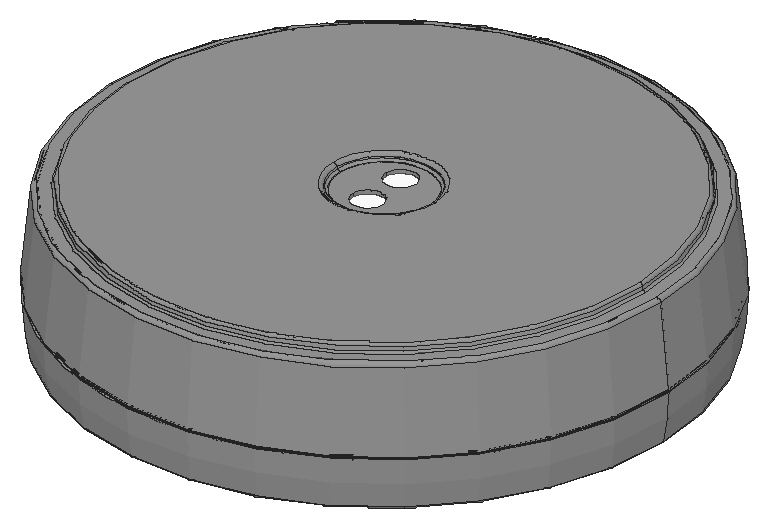
Revit family "Pelée385_17W_3000K_LOD 300", category Lighting Fixtures, host Ceiling, Revit 2015
Parameters (values of type "Pelée 385_17,4W_3000K")
  Wattage Comments = ""
  Wattage = 13.1276 W
  Watt total = "17.4 W"
  built-in parameter 1150110 = 1 (stored number, unit not read)
  URL = "http://focus-lighting.dk/"
  Type Image = Perspective View 2.PNG
  built-in parameter 1114217 = 1 (stored number, unit not read)
  Tilt Angle = 60.00°
  built-in parameter 1150109 = 1 (stored number, unit not read)
  built-in parameter 1150134 = (empty or 0)
  Technical Description URL = ""
  built-in parameter 1150113 = 1 (stored number, unit not read)
  Revit Object URL = "http://www.newbim.info/"
  Product URL = ""
  Product Group = "Loft- & Indbygningslamper"
  Product Family = "Indoors"
  Product Certification = ""
  Photometric Web File = "Pelèe 385_17,4W_3000K.ies"
  built-in parameter 1150142 = "IESNA:LM-63-1995\r\n[TEST]\t\t20150305.2\r\n[MANUFAC]\tFocus Lighting AS/PhotoFiler/2010.10/EULumdat 1\r\n[LUMCAT]\t\r\n[LUMINAIRE]\tPelée 385_17,4W_3000K\r\n[LAMP]\t\tCLEg2-315-4000-830_500mA\r\n[DATE]\t\t05-03-2015/DC/Focus Lighting AS\r\n[OTHER]\t\tEULUMDAT file: Pelèe 385_17,4W_3000K.ldt\r\nTILT=NONE\r\n1 1950.0 1.950 181 1 1 2 0.34 0.00 0.00\r\n1.0 1 17.4\r\n0.0 1.0 2.0 3.0 4.0 5.0 6.0 7.0 8.0 9.0 10.0 11.0 12.0 13.0 14.0 15.0 16.0 17.0 18.0 19.0 20.0 21.0 22.0 23.0 24.0 25.0 26.0 27.0\r\n 28.0 29.0 30.0 31.0 32.0 33.0 34.0 35.0 36.0 37.0 38.0 39.0 40.0 41.0 42.0 43.0 44.0 45.0 46.0 47.0 48.0 49.0 50.0 51.0 52.0 53.0\r\n 54.0 55.0 56.0 57.0 58.0 59.0 60.0 61.0 62.0 63.0 64.0 65.0 66.0 67.0 68.0 69.0 70.0 71.0 72.0 73.0 74.0 75.0 76.0 77.0 78.0 79.0\r\n 80.0 81.0 82.0 83.0 84.0 85.0 86.0 87.0 88.0 89.0 90.0 91.0 92.0 93.0 94.0 95.0 96.0 97.0 98.0 99.0 100.0 101.0 102.0 103.0 104.0\r\n 105.0 106.0 107.0 108.0 109.0 110.0 111.0 112.0 113.0 114.0 115.0 116.0 117.0 118.0 119.0 120.0 121.0 122.0 123.0 124.0 125.0\r\n 126.0 127.0 128.0 129.0 130.0 131.0 132.0 133.0 134.0 135.0 136.0 137.0 138.0 139.0 140.0 141.0 142.0 143.0 144.0 145.0 146.0\r\n 147.0 148.0 149.0 150.0 151.0 152.0 153.0 154.0 155.0 156.0 157.0 158.0 159.0 160.0 161.0 162.0 163.0 164.0 165.0 166.0 167.0\r\n 168.0 169.0 170.0 171.0 172.0 173.0 174.0 175.0 176.0 177.0 178.0 179.0 180.0\r\n0.0 \r\n333.7 333.6 333.4 333.0 332.4 331.7 330.8 329.7 328.5 327.1 325.6 323.8 321.9 319.9 317.7 315.3 312.8 310.1 307.2 304.3 301.2\r\n 297.9 294.4 290.9 287.2 283.4 279.4 275.4 271.2 266.9 262.5 258.0 253.4 248.8 244.0 239.2 234.3 229.3 224.2 219.1 214.0 208.8\r\n 203.6 198.4 193.1 187.9 182.6 177.3 172.1 166.8 161.6 156.3 151.1 145.9 140.7 135.5 130.4 125.3 120.3 115.3 110.3 105.4 100.5\r\n 95.7 91.0 86.3 81.7 77.1 72.6 68.1 63.7 59.5 55.3 51.2 47.1 43.1 39.3 35.6 31.9 28.4 25.0 21.8 18.7 15.7 12.9 10.3 8.0 6.1 4.6\r\n 3.5 2.7 2.2 1.8 1.5 1.3 1.2 1.1 1.0 1.0 0.9 0.9 0.9 0.9 0.9 0.9 0.9 0.9 0.9 0.9 0.9 0.9 0.9 0.9 0.9 0.9 0.9 0.9 1.0 1.0 1.0 1.0\r\n 1.0 1.0 1.0 1.0 1.0 1.0 1.1 1.1 1.1 1.1 1.1 1.1 1.1 1.1 1.1 1.1 1.2 1.2 1.2 1.2 1.2 1.2 1.2 1.2 1.2 1.3 1.3 1.3 1.3 1.3 1.3 1.3\r\n 1.4 1.3 1.4 1.4 1.4 1.4 1.4 1.4 1.4 1.4 1.4 1.4 1.4 1.4 1.4 1.4 1.4 1.4 1.4 1.5 1.4 1.5 1.5 1.5 1.5 1.4 1.5 1.5\r\n"
  Nominal Width = "385 mm"
  Nominal Height = "91 mm"
  Model = "Version 1"
  Material = Aluminum-Focus Lighting-Pelee 385-Semi-Polished
  Manufacturer = "Focus Lighting A/S"
  Lumens = 1950 lm
  built-in parameter 1150115 = 1 (stored number, unit not read)
  built-in parameter 1150105 = 155.18 (stored number, unit not read)
  Light Sources Type = "CLEg2-315-4000-830_500mA"
  Light Sources = 1
  Light Total Output Ratio = "81.7 %"
  built-in parameter 1150137 = (empty or 0)
  built-in parameter 1150139 = (empty or 0)
  Light Downwards Output Ratio = "81 %"
  built-in parameter 1150112 = 1 (stored number, unit not read)
  built-in parameter 1150114 = 1 (stored number, unit not read)
  Installation Instructions URL = ""
  built-in parameter 1150132 = 2
  built-in parameter 1150102 = (empty or 0)
  built-in parameter 1150138 = (empty or 0)
  built-in parameter 1150107 = 3000 (stored number, unit not read)
  Indbygningshøjde = 0 mm
  built-in parameter 1150106 = 1.5518 (stored number, unit not read)
  built-in parameter 1150104 = 13.8 (stored number, unit not read)
  Dimming Lamp Color Temperature Shift = <None>
  Diffuser Material = Glass, White, High Luminance
  Description = "Pelée 385_17,4W_3000K"
  Date = "05.03.2015"
  Color Filter = 16777215
  CRI = "80"
  built-in parameter 1114218 = 1 (stored number, unit not read)
  built-in parameter 1150133 = 10 (stored number, unit not read)
Reference planes
  plane 1 "Light Source Axis (F/B)": y = 0
  plane 2: z = 0
  plane 3 "Light Source Axis (L/R)": x = 0
  plane 4 "Ceiling": z = 4000
  plane 5 "Light Source Elevation": z = 3939.9
  plane 6: z = 4000
Forms (mm)
  Sweep 1, solid, material "Aluminum-Focus Lighting-Pelee 385-Semi-Polished" <- "Material"
    path origin (-318.586, 0, 4000) x (-1, 0, 0) y (0, -1, 0)
      loop
        circle (-318.586, 0) r 176.4
    profile origin (0, -176.4, 4000) x (0, 1, 0) y (0, 0, 1)
      loop
        line (0, 0) -> (-7.581, 0)
        arc (-7.581, 0) -> (-9.514, -0.687) -> (-10.581, -2.439) r 3.064
        arc (-10.581, -2.439) -> (-14.358, -27.858) -> (-16.065, -53.5) r 317
        line (-16.065, -53.5) -> (-15.256, -53.5)
        arc (-15.256, -53.5) -> (-14.998, -53.821) -> (-14.892, -54.22) r 0.997
        line (-14.892, -54.22) -> (-14.851, -55) -> (-16.081, -55)
        arc (-16.081, -55) -> (-15.314, -70.311) -> (-12.866, -85.444) r 139
        arc (-12.866, -85.444) -> (-12.661, -85.795) -> (-12.31, -86) r 0.8
        line (-12.31, -86) -> (-11.42, -86)
        arc (-11.42, -86) -> (-11.03, -85.85) -> (-10.84, -85.478) r 0.583
        line (-10.84, -85.478) -> (-10.742, -83.595)
        arc (-10.742, -83.595) -> (-10.562, -83.242) -> (-10.192, -83.1) r 0.552
        line (-10.192, -83.1) -> (-9.301, -83.1)
        arc (-9.301, -83.1) -> (-8.921, -82.954) -> (-8.736, -82.591) r 0.568
        line (-8.736, -82.591) -> (-8.638, -80.716)
        arc (-8.638, -80.716) -> (-8.45, -80.348) -> (-8.065, -80.2) r 0.577
        line (-8.065, -80.2) -> (-7.208, -80.2)
        arc (-7.208, -80.2) -> (-6.82, -80.051) -> (-6.631, -79.68) r 0.58
        line (-6.631, -79.68) -> (-6.532, -77.798)
        arc (-6.532, -77.798) -> (-6.352, -77.443) -> (-5.98, -77.3) r 0.556
        line (-5.98, -77.3) -> (-5.081, -77.3)
        arc (-5.081, -77.3) -> (-4.709, -77.157) -> (-4.528, -76.801) r 0.557
        line (-4.528, -76.801) -> (-4.429, -74.928)
        arc (-4.429, -74.928) -> (-4.237, -74.551) -> (-3.843, -74.4) r 0.59
        line (-3.843, -74.4) -> (-3.004, -74.4)
        arc (-3.004, -74.4) -> (-2.612, -74.249) -> (-2.421, -73.875) r 0.586
        line (-2.421, -73.875) -> (-2.325, -72.028)
        arc (-2.325, -72.028) -> (-2.133, -71.651) -> (-1.738, -71.5) r 0.59
        line (-1.738, -71.5) -> (-0.9, -71.5)
        arc (-0.9, -71.5) -> (-0.508, -71.349) -> (-0.317, -70.975) r 0.586
        line (-0.317, -70.975) -> (-0.22, -69.128)
        arc (-0.22, -69.128) -> (-0.028, -68.751) -> (0.366, -68.6) r 0.59
        line (0.366, -68.6) -> (1.205, -68.6)
        arc (1.205, -68.6) -> (1.597, -68.449) -> (1.788, -68.075) r 0.586
        line (1.788, -68.075) -> (1.885, -66.228)
        arc (1.885, -66.228) -> (2.076, -65.851) -> (2.471, -65.7) r 0.59
        line (2.471, -65.7) -> (3.31, -65.7)
        arc (3.31, -65.7) -> (3.702, -65.549) -> (3.892, -65.175) r 0.586
        line (3.892, -65.175) -> (3.989, -63.328)
        arc (3.989, -63.328) -> (4.181, -62.951) -> (4.576, -62.8) r 0.59
        line (4.576, -62.8) -> (5.401, -62.8)
        arc (5.401, -62.8) -> (5.793, -62.649) -> (5.984, -62.275) r 0.586
        line (5.984, -62.275) -> (6.098, -60.1) -> (2.607, -60.1) -> (2.476, -57.599)
        arc (2.476, -57.599) -> (2.294, -57.243) -> (1.921, -57.1) r 0.557
        line (1.921, -57.1) -> (-12.236, -57.1) -> (-12.424, -53.5) -> (-14.946, -53.5)
        arc (-14.946, -53.5) -> (-13.239, -27.858) -> (-9.461, -2.439) r 317
        line (-9.461, -2.439) -> (146.42, -2.439) -> (146.42, 1)
        arc (146.42, 1) -> (145.279, 1.347) -> (144.55, 2.29) r 1.961
        line (144.55, 2.29) -> (144.281, 3.029)
        arc (144.281, 3.029) -> (143.211, 4.433) -> (141.539, 5) r 3.026
        line (141.539, 5) -> (3.849, 5)
        arc (3.849, 5) -> (2.591, 4.555) -> (1.893, 3.417) r 2
        line (1.893, 3.417) -> (1.418, 1.187)
        arc (1.418, 1.187) -> (0.914, 0.349) -> (0, 0) r 1.5
  Extrusion 2, solid, material "Glass, White, High Luminance" <- "Diffuser Material"
    sketch origin (0, 0, 4000) x (0, 1, 0) y (-1, 0, 0)
      loop
        circle (0, 0) r 173.7
    from -60.1 to -57.1
  Extrusion 3, solid, material "Aluminum-Focus Lighting-Pelee 385-Semi-Polished" <- "Material"
    sketch origin (0, 0, 4000) x (-1, 0, 0) y (0, -1, 0)
      loop
        circle (0, 0) r 29.98
      loop
        circle (0, -14) r 10
      loop
        circle (0, 14) r 10
    from -1 to 1
Dimensions and locks
  equal spacing: host sketch curve, plane 3 "Light Source Axis (L/R)", host sketch curve
  equal spacing: host sketch curve, plane 1 "Light Source Axis (F/B)", host sketch curve
  host sketch curve to host sketch curve = 4000 mm  (x2)
  locked: plane 4 "Ceiling" to host ceiling at 0
  "Indbygningshøjde": host ceiling to plane 6
  locked: imposter light to Sweep 1 at 173.793
  locked: plane 3 "Light Source Axis (L/R)" to Extrusion 2 sketch curve at 173.7
  locked: Extrusion 3 to Extrusion 3 at 2
  locked: Extrusion 3 sketch curve to imposter light at 4
  locked: Extrusion 3 sketch curve to imposter light at 10
  locked: imposter light to Extrusion 3 sketch curve at 4
  locked: imposter light to Extrusion 3 sketch curve at 10
  locked: plane 6 to plane 5 "Light Source Elevation" at 60.1
  aligned and locked: plane 3 "Light Source Axis (L/R)" to imposter light
  aligned and locked: plane 1 "Light Source Axis (F/B)" to imposter light
  aligned and locked: plane 5 "Light Source Elevation" to imposter light
  aligned and locked: plane 6 to Sweep 1
  aligned and locked: Sweep 1 to Extrusion 2
  aligned and locked: Extrusion 3 sketch curve to Sweep 1  (x2)
  aligned and locked: Extrusion 3 to Sweep 1
  aligned and locked: plane 5 "Light Source Elevation" to Extrusion 2
Automatic sketch dimensions
  plane 1 "Light Source Axis (F/B)" to Sweep 1 sketch curve = 0 mm
  Sweep 1 sketch curve to plane 3 "Light Source Axis (L/R)" = 0 mm
  plane 1 "Light Source Axis (F/B)" to Extrusion 2 sketch curve = 0 mm
  Extrusion 2 sketch curve to plane 3 "Light Source Axis (L/R)" = 0 mm
  Extrusion 3 sketch curve to Extrusion 3 sketch curve = 0 mm  (x2)
  Sweep 1 sketch curve to plane 6 = 0 mm
  Sweep 1 sketch curve to profile plane = 0 mm
  profile plane to Sweep 1 sketch curve = 0.049 mm
  profile plane to Sweep 1 sketch curve = 0.22 mm
  profile plane to Sweep 1 sketch curve = 0.317 mm
  Sweep 1 sketch curve to Sweep 1 sketch curve = 0.583 mm  (x5)
  Sweep 1 sketch curve to Sweep 1 sketch curve = 0.839 mm  (x4)
  Sweep 1 sketch curve to Sweep 1 sketch curve = 0.586 mm  (x4)
  Sweep 1 sketch curve to Sweep 1 sketch curve = 0.097 mm  (x3)
  Sweep 1 sketch curve to Sweep 1 sketch curve = 0.098 mm  (x2)
  Sweep 1 sketch curve to Sweep 1 sketch curve = 0.554 mm  (x2)
  Sweep 1 sketch curve to Sweep 1 sketch curve = 0.898 mm
  Sweep 1 sketch curve to Sweep 1 sketch curve = 0.553 mm
  Sweep 1 sketch curve to Sweep 1 sketch curve = 0.099 mm  (x2)
  Sweep 1 sketch curve to Sweep 1 sketch curve = 0.577 mm
  Sweep 1 sketch curve to plane 6 = 3.064 mm
  profile plane to Sweep 1 sketch curve = 7.581 mm
  Sweep 1 sketch curve to Sweep 1 sketch curve = 0.856 mm
  Sweep 1 sketch curve to Sweep 1 sketch curve = 0.574 mm
  Sweep 1 sketch curve to Sweep 1 sketch curve = 0.565 mm
  Sweep 1 sketch curve to Sweep 1 sketch curve = 1.88 mm
  Sweep 1 sketch curve to Sweep 1 sketch curve = 0.891 mm
  Sweep 1 sketch curve to Sweep 1 sketch curve = 0.549 mm
  Sweep 1 sketch curve to Sweep 1 sketch curve = 0.58 mm
  Sweep 1 sketch curve to Sweep 1 sketch curve = 0.675 mm
  profile plane to Sweep 1 sketch curve = 12.236 mm
  Sweep 1 sketch curve to Sweep 1 sketch curve = 0.215 mm
  Sweep 1 sketch curve to Sweep 1 sketch curve = 0.189 mm
  Sweep 1 sketch curve to Sweep 1 sketch curve = 2.427 mm
  Sweep 1 sketch curve to Sweep 1 sketch curve = 0.095 mm
  Sweep 1 sketch curve to Sweep 1 sketch curve = 0.942 mm
  Sweep 1 sketch curve to Sweep 1 sketch curve = 0.177 mm
  Sweep 1 sketch curve to Sweep 1 sketch curve = 0.193 mm
  Sweep 1 sketch curve to profile plane = 0.366 mm
  plane 6 to Sweep 1 sketch curve = 1.187 mm
  Sweep 1 sketch curve to profile plane = 1.418 mm
  Sweep 1 sketch curve to profile plane = 1.893 mm
  Sweep 1 sketch curve to profile plane = 1.921 mm
  Sweep 1 sketch curve to Sweep 1 sketch curve = 0.131 mm
  Sweep 1 sketch curve to Sweep 1 sketch curve = 1.956 mm
  Sweep 1 sketch curve to Sweep 1 sketch curve = 0.825 mm
  Sweep 1 sketch curve to Sweep 1 sketch curve = 0.114 mm
  Sweep 1 sketch curve to plane 6 = 55.715 mm
  Sweep 1 sketch curve to Sweep 1 sketch curve = 116.82 mm
  plane 6 to Sweep 1 sketch curve = 1.976 mm
  Sweep 1 sketch curve to Sweep 1 sketch curve = 18.527 mm
  Sweep 1 sketch curve to Sweep 1 sketch curve = 0.094 mm
  plane 6 to Sweep 1 sketch curve = 3.029 mm
  Sweep 1 sketch curve to Sweep 1 sketch curve = 2.836 mm
  plane 6 to Sweep 1 sketch curve = 2.29 mm
  Sweep 1 sketch curve to Sweep 1 sketch curve = 0.269 mm
  Sweep 1 sketch curve to Sweep 1 sketch curve = 1.842 mm
  Sweep 1 sketch curve to plane 6 = 2.439 mm
  Sweep 1 sketch curve to Sweep 1 sketch curve = 1.869 mm
  Sweep 1 sketch curve to Sweep 1 sketch curve = 154.409 mm
  Sweep 1 sketch curve to Sweep 1 sketch curve = 1.119 mm
  Sweep 1 sketch curve to Sweep 1 sketch curve = 54.036 mm
  Sweep 1 sketch curve to Sweep 1 sketch curve = 0.499 mm
  Sweep 1 sketch curve to Sweep 1 sketch curve = 2.501 mm
  Sweep 1 sketch curve to plane 6 = 61.712 mm
  Sweep 1 sketch curve to Sweep 1 sketch curve = 0 mm
  Sweep 1 sketch curve to Sweep 1 sketch curve = 2.114 mm
  Sweep 1 sketch curve to Sweep 1 sketch curve = 0.061 mm  (x7)
  Sweep 1 sketch curve to Sweep 1 sketch curve = 0.528 mm  (x5)
  Sweep 1 sketch curve to Sweep 1 sketch curve = 1.786 mm  (x4)
  Sweep 1 sketch curve to Sweep 1 sketch curve = 1.815 mm  (x2)
  Sweep 1 sketch curve to Sweep 1 sketch curve = 0.058 mm
  Sweep 1 sketch curve to Sweep 1 sketch curve = 0.498 mm
  Sweep 1 sketch curve to Sweep 1 sketch curve = 1.822 mm
  Sweep 1 sketch curve to Sweep 1 sketch curve = 0.516 mm
  Sweep 1 sketch curve to Sweep 1 sketch curve = 0.059 mm
  Sweep 1 sketch curve to Sweep 1 sketch curve = 0.495 mm
  Sweep 1 sketch curve to Sweep 1 sketch curve = 1.635 mm
  Sweep 1 sketch curve to Sweep 1 sketch curve = 0.187 mm
  Sweep 1 sketch curve to Sweep 1 sketch curve = 0.728 mm
  Sweep 1 sketch curve to Sweep 1 sketch curve = 0.772 mm
  plane 6 to Sweep 1 sketch curve = 1 mm
  Sweep 1 sketch curve to Sweep 1 sketch curve = 2 mm
  Sweep 1 sketch curve to Sweep 1 sketch curve = 0.054 mm
  Sweep 1 sketch curve to Sweep 1 sketch curve = 0.31 mm
  Sweep 1 sketch curve to Sweep 1 sketch curve = 0.72 mm
  radius of Sweep 1 sketch curve = 176.4 mm
Connectors
  electrical at (0, 0, 3939.9)
    settings: on Sweep 1, index 1, voltage 230 V, apparent load 0 VA, apparent load phase1 17.4 VA, apparent load phase2 0 VA, apparent load phase3 0 VA, power factor 0.95, load classification "Lighting", number of poles 1, system type 31, power factor state 1, is connector primary yes, connector utility no, sub classification motor no, connector description ""
